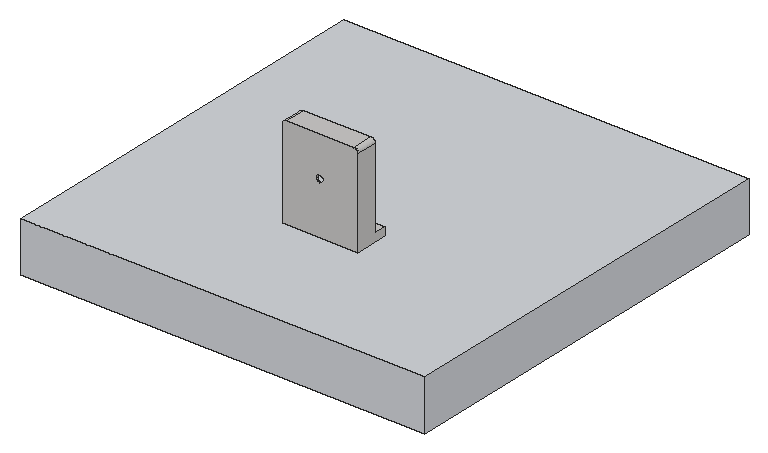
Revit family
Parameters (values of type "1953-1")
  Waste Connection = yes
  Vent Connection = no
  URL = "http://www.acornengineering.com"
  Type Comments = "Dura-Ware"
  TPT - Tubular P-Trap 1-1/4" x 1-1/2" = no
  TE - Trap Enclosure = no
  OF - Lavatory Overflow = no
  Model = "1953-1"
  Material = 16 gage, type 304 Stainless steel
  Manufacturer = "Acorn Engineering"
  MVC2 - Time-Trol - Hot & Cold = no
  MVC1 - Time-Trol - Single Temp = no
  MH - Metering Hot side only = no
  M - Metering = no
  HW Connection = yes
  H38 - Three Holes 8" Centerset = no
  H28 - Two Holes 8" Centerset = no
  H24 - Two Holes 4" Centerset = no
  H1 - Single Hole Centered = no
  GT - Grid Strainer w/ Tailpiece 1-1/4" = no
  GE - Grid Strainer w/ Close Elbow 1-1/4" = no
  FG - 14 Gage Housing = no
  EG - Enviro-Glaze Color = no
  EE - Elbow Enclosure = no
  Designed By = "ATS BIM Team"
  Description = "18\" Lavatory - ADA Compliant"
  Default Elevation = 4' - 0"
  DMS - Deck Mounted Spout, 1.4 GPM = no
  Copyrighted By = "ATS"
  CW Connection = yes
  CSG - Centerset with Gooseneck Spout and Wrist Blade Handles = no
  9 - Without Valves = no
  4 - Air-Control, H&C = no
  3 - Air-Control, Single Temp = no
Reference planes (in)
  plane 1 "Center (Front/Back)": y = 0
  plane 2: z = 0
  plane 3 "Center (Left/Right)": x = 0
  plane 4: y = -48
  plane 5: y = -14
  plane 6: y = -19
Forms (in)
  Extrusion 1, solid
    sketch origin (0, 0, 0) x (1, 0, 0) y (0, 1, 0)
      loop
        line (-48, 48) -> (-48, -48) -> (48, -48) -> (48, 48) -> (-48, 48)
    from 0 to -12
  Extrusion 2, solid, material "16 gage, type 304 Stainless steel"
    sketch origin (0, -19, 0) x (1, 0, 0) y (0, 0, -1)
      loop
        line (-9, 0) -> (-9, -21)
        arc (-9, -21) -> (-8.70711, -21.70711) -> (-8, -22) r 1
        line (-8, -22) -> (8, -22)
        arc (8, -22) -> (8.70711, -21.70711) -> (9, -21) r 1
        line (9, -21) -> (9, 0) -> (-9, 0)
    from 0 to 5
  Blend 3, void
    base sketch origin (0, -19, 1.5) x (1, 0, 0) y (0, 0, -1)
      loop
        arc (-6, -5.01093) -> (-6.35355, -5.15738) -> (-6.5, -5.51093) r 0.5
        line (-6.5, -5.51093) -> (-6.5, -16.51093)
        arc (-6.5, -16.51093) -> (-6.35355, -16.86448) -> (-6, -17.01093) r 0.5
        line (-6, -17.01093) -> (6, -17.01093)
        arc (6, -17.01093) -> (6.35355, -16.86448) -> (6.5, -16.51093) r 0.5
        line (6.5, -16.51093) -> (6.5, -5.51093)
        arc (6.5, -5.51093) -> (6.35355, -5.15738) -> (6, -5.01093) r 0.5
        line (6, -5.01093) -> (-6, -5.01093)
    top sketch origin (0, -19, 1.5) x (1, 0, 0) y (0, 0, -1)
      loop
        arc (-6.5, -4.51093) -> (-6.85355, -4.65738) -> (-7, -5.01093) r 0.5
        line (-7, -5.01093) -> (-7, -17.01093)
        arc (-7, -17.01093) -> (-6.85355, -17.36448) -> (-6.5, -17.51093) r 0.5
        line (-6.5, -17.51093) -> (6.5, -17.51093)
        arc (6.5, -17.51093) -> (6.85355, -17.36448) -> (7, -17.01093) r 0.5
        line (7, -17.01093) -> (7, -5.01093)
        arc (7, -5.01093) -> (6.85355, -4.65738) -> (6.5, -4.51093) r 0.5
        line (6.5, -4.51093) -> (-6.5, -4.51093)
    from 0.18853 to 5.00036
  Extrusion 4, solid, material "16 gage, type 304 Stainless steel"
    sketch origin (0, -19, -4.51093) x (1, 0, 0) y (0, 1, 0)
      loop
        line (-9, 5) -> (9, 5) -> (9, 8) -> (-9, 8) -> (-9, 5)
    from 4.51093 to 6.51097
  Extrusion 5, solid, material "16 gage, type 304 Stainless steel"
    sketch origin (-1.16698, -19, 0) x (1, 0, 0) y (0, 1, 0)
      loop
        circle (-2.94935, 6.3908) r 0.25
      loop
        circle (5.05065, 6.3908) r 0.25
    from 2.00004 to 2.18425
  Extrusion 6, void
    sketch origin (0, -19, 0) x (1, 0, 0) y (0, 0, -1)
      loop
        circle (0, -12.51091) r 0.8125
    from 0 to 0.18853
Cuts and joins
  Blend 3, Extrusion 6 cuts Extrusion 2
  joined: Extrusion 2, Extrusion 4, Extrusion 5
Dimensions and locks (in)
  plane 4 to plane 5 = 2' - 10"
  plane 6 to plane 5 = 0' - 5"
  aligned and locked: plane 2 to Extrusion 1
  aligned and locked: level to Extrusion 1
Connectors (in)
  piping at (0, -19, 12.51091)
    settings: on cut or joined group of Extrusion 2, Blend 3, Extrusion 4, Extrusion 5, Extrusion 6, index 1
